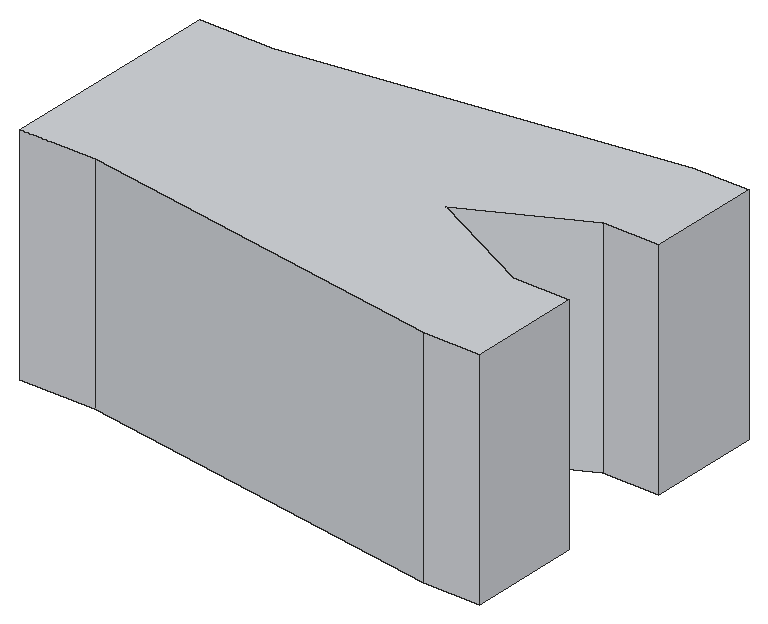
Revit family "M_Rectangular Pants - Transition", category Duct Fittings, Revit 2014
Parameters (values of type "Standard")
  Duct Width 3 [instance] = 150 mm
  Duct Width 2 [instance] = 150 mm
  Duct Width 1 [instance] = 300 mm
  Duct Length 8 [instance] = 1.5 * Duct Width 3  # 225 mm
  Duct Length 7 [instance] = Duct Width 3 / 2  # 75 mm
  Duct Length 6 [instance] = 2 * Duct Width 1  # 600 mm
  Duct Length 5 [instance] = 1.5 * Duct Width 1  # 450 mm
  Duct Length 4 [instance] = 1.5 * Duct Width 2  # 225 mm
  Duct Length 3 [instance] = Duct Width 2 / 2  # 75 mm
  Duct Length 2 [instance] = 2 * Duct Width 1  # 600 mm
  Duct Length 1 [instance] = Duct Width 1 / 3  # 100 mm
  Duct Height [instance] = 300 mm
Reference planes
  plane 1 "Center (Front/Back)": y = 0
  plane 2: z = 0
  plane 3 "Center (Left/Right)": x = 0
  plane 4: x = 100
  plane 5: y = 150
  plane 6: y = -150
  plane 7: x = 600
  plane 8: x = 675
  plane 9: y = 225
  plane 10: y = 75
  plane 11: x = 450
  plane 12: x = 600
  plane 13: x = 675
  plane 14: y = -225
  plane 15: y = -75
  plane 16: y = 150
  plane 17: y = -150
  plane 18: y = 152.4
  plane 19: y = -152.4
  plane 20: z = 150
  plane 21: z = -150
  plane 22: y = 152.4
  plane 23: y = -152.4
Forms (mm)
  Extrusion 1, solid, detail levels medium+fine
    sketch origin (0, 0, 0) x (1, 0, 0) y (0, 1, 0)
      loop
        line (100, 150) -> (0, 150) -> (0, -150) -> (100, -150) -> (600, -225) -> (675, -225) -> (675, -75) -> (600, -75) -> (450, 0) -> (600, 75) -> (675, 75) -> (675, 225) -> (600, 225) -> (100, 150)
    from -150 to 150
Lines and regions (mm)
  model lines, detail levels coarse
    curve 1: line (100, 0, 0) -> (600, 150, 0)
    curve 2: line (100, 0, 0) -> (600, -150, 0)
    curve 3: line (600, 150, 0) -> (675, 150, 0)
    curve 4: line (600, -150, 0) -> (675, -150, 0)
    curve 5: line (0, 0, 0) -> (100, 0, 0)
Dimensions and locks
  "Duct Length 1": plane 3 "Center (Left/Right)" to plane 4
  equal spacing: plane 5, plane 1 "Center (Front/Back)", plane 6
  "Duct Width 1": plane 5 to plane 6
  "Duct Length 2": plane 3 "Center (Left/Right)" to plane 7
  "Duct Length 3": plane 7 to plane 8
  "Duct Length 4": plane 1 "Center (Front/Back)" to plane 9
  "Duct Width 2": plane 9 to plane 10
  "Duct Length 5": plane 3 "Center (Left/Right)" to plane 11
  "Duct Length 6": plane 3 "Center (Left/Right)" to plane 12
  "Duct Length 7": plane 12 to plane 13
  "Duct Length 8": plane 1 "Center (Front/Back)" to plane 14
  "Duct Width 3": plane 15 to plane 14
  equal spacing: plane 9, plane 16, plane 10
  equal spacing: plane 15, plane 17, plane 14
  equal spacing: plane 18, plane 1 "Center (Front/Back)", plane 19
  equal spacing: plane 20, plane 2, plane 21
  "Duct Height": plane 20 to plane 21
  equal spacing: plane 22, plane 1 "Center (Front/Back)", plane 23
  aligned and locked: plane 5 to Extrusion 1 sketch curve
  aligned and locked: plane 4 to Extrusion 1 sketch curve  (x2)
  aligned and locked: plane 6 to Extrusion 1 sketch curve
  aligned and locked: plane 15 to Extrusion 1 sketch curve  (x2)
  aligned and locked: plane 7 to Extrusion 1 sketch curve  (x2)
  aligned and locked: plane 1 "Center (Front/Back)" to Extrusion 1 sketch curve
  aligned and locked: plane 11 to Extrusion 1 sketch curve
  aligned and locked: plane 3 "Center (Left/Right)" to Extrusion 1 sketch curve  (x2)
  aligned and locked: Extrusion 1 sketch curve to plane 5
  aligned and locked: Extrusion 1 sketch curve to plane 6
  aligned and locked: plane 12 to Extrusion 1 sketch curve  (x2)
  aligned and locked: plane 13 to Extrusion 1 sketch curve
  aligned and locked: Extrusion 1 sketch curve to plane 14
  aligned and locked: plane 14 to Extrusion 1 sketch curve
  aligned and locked: Extrusion 1 sketch curve to plane 13
  aligned and locked: Extrusion 1 sketch curve to plane 8  (x2)
  aligned and locked: Extrusion 1 sketch curve to plane 10
  aligned and locked: Extrusion 1 sketch curve to plane 9
  aligned and locked: plane 9 to Extrusion 1 sketch curve
  aligned and locked: plane 10 to Extrusion 1 sketch curve
  aligned and locked: plane 7 to curve 1
  aligned and locked: plane 1 "Center (Front/Back)" to curve 2
  aligned and locked: plane 4 to curve 2
  aligned and locked: plane 3 "Center (Left/Right)" to curve 5
  aligned and locked: plane 1 "Center (Front/Back)" to curve 5
  aligned and locked: plane 8 to curve 3
  aligned and locked: curve 3 to plane 16
  aligned and locked: plane 12 to curve 4
  aligned and locked: plane 13 to curve 4
  aligned and locked: curve 4 to plane 17
  aligned and locked: Extrusion 1 to plane 21
  aligned and locked: plane 20 to Extrusion 1
Connectors
  hvac at (0, 0, 0), driven by "Duct Height", driven by "Duct Width 1"
    settings: on Extrusion 1, index 1, duct flow 0.0 L/s, flow factor 0, pres drop 0.0 Pa, loss coef 0, conn angle 0.00°, conn width 300 mm, conn height 300 mm, conn diameter 609.6 mm, duct sys type 28, conn prof type 1, flow config 0, flow direction 0, loss method 0, conn ref index -1, conn util no, is conn primary yes, conn desc ""
  hvac at (675, 150, 0), driven by "Duct Height", driven by "Duct Width 2"
    settings: on Extrusion 1, index 2, duct flow 0.0 L/s, flow factor 0, pres drop 0.0 Pa, loss coef 0, conn angle 0.00°, conn width 150 mm, conn height 300 mm, conn diameter 609.6 mm, duct sys type 28, conn prof type 1, flow config 0, flow direction 0, loss method 0, conn ref index -1, conn util no, is conn primary no, conn desc ""
  hvac at (675, -150, 0), driven by "Duct Height", driven by "Duct Width 3"
    settings: on Extrusion 1, index 3, duct flow 0.0 L/s, flow factor 0, pres drop 0.0 Pa, loss coef 0, conn angle 0.00°, conn width 150 mm, conn height 300 mm, conn diameter 609.6 mm, duct sys type 28, conn prof type 1, flow config 0, flow direction 0, loss method 0, conn ref index -1, conn util no, is conn primary no, conn desc ""
